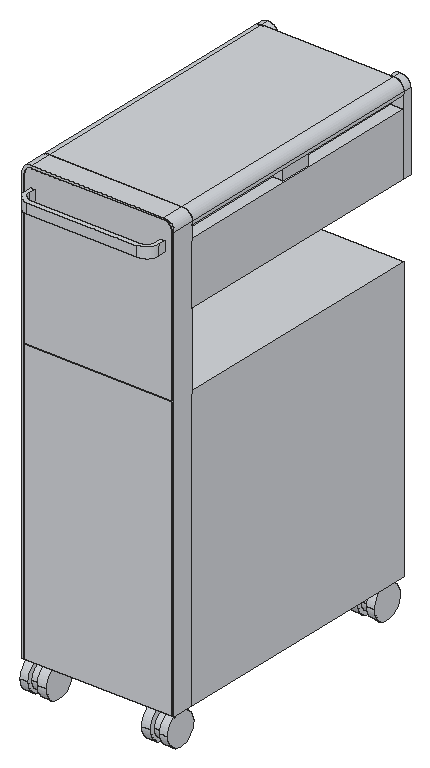
Revit family "300mm bite", category Furniture, Revit 2015
Reference planes
  plane 1 "Center (Front/Back)": y = 0
  plane 2: z = 0
  plane 3 "Center (Left/Right)": x = 0
  plane 4: z = 0
  plane 5: z = 765
  plane 6: z = 619
  plane 7: x = 300
  plane 8: x = -460
  plane 9: y = -590.075
  plane 10: y = 520
  plane 11: y = -44
  plane 12: z = 64
  plane 13: z = 937
  plane 14: z = 917
  plane 15: x = 280
  plane 16: x = 20
  plane 17: x = 295
  plane 18: z = 932
  plane 19: x = 5
  plane 20: z = 617
  plane 21: z = 912
  plane 22: x = 275
  plane 23: x = 25
  plane 24: z = 887
  plane 25: y = 230
  plane 26: y = 290
  plane 27: y = -83
  plane 28: x = 282
  plane 29: x = 18
  plane 30: x = 26
  plane 31: x = 274
  plane 32: y = -75
  plane 33: y = -59
  plane 34: x = 42
  plane 35: x = 258
  plane 36: z = 897
  plane 37: z = 877
  plane 38: x = 260
  plane 39: y = 536
  plane 40: x = 40
  plane 41: x = 2.532
  plane 42: x = 20.532
  plane 43: x = 38.532
  plane 44: x = 56.532
  plane 45: z = 32.236
  plane 46: y = -22.331
  plane 47: z = 32.236
  plane 48: y = -22.331
  plane 49: y = -22.331
  plane 50: y = 485.669
  plane 51: z = 32.236
  plane 52: y = 485.669
  plane 53: z = 32.236
  plane 54: y = 485.669
Forms (mm)
  Extrusion 1, solid
    sketch origin (0, 0, 0) x (0, 1, 0) y (0, 0, 1)
      loop
        line (520, 619) -> (0, 619) -> (0, 64) -> (520, 64) -> (520, 619)
    from 0 to 300
  Extrusion 2, solid
    sketch origin (0, 0, 0) x (1, 0, 0) y (0, 0, 1)
      loop
        line (0, 912) -> (300, 912) -> (300, 917)
        arc (300, 917) -> (294.142, 931.142) -> (280, 937) r 20
        line (280, 937) -> (20, 937)
        arc (20, 937) -> (5.858, 931.142) -> (0, 917) r 20
        line (0, 917) -> (0, 912)
    from 0 to -520
  Extrusion 3, solid
    sketch origin (0, 0, 0) x (1, 0, 0) y (0, 0, 1)
      loop
        line (5, 64) -> (5, 917)
        arc (5, 917) -> (9.393, 927.607) -> (20, 932) r 15
        line (20, 932) -> (280, 932)
        arc (280, 932) -> (290.607, 927.607) -> (295, 917) r 15
        line (295, 917) -> (295, 64) -> (300, 64) -> (300, 917)
        arc (300, 917) -> (294.142, 931.142) -> (280, 937) r 20
        line (280, 937) -> (20, 937)
        arc (20, 937) -> (5.858, 931.142) -> (0, 917) r 20
        line (0, 917) -> (0, 64) -> (5, 64)
    from 0 to 44
  Extrusion 4, solid
    sketch origin (0, 0, 0) x (1, 0, 0) y (0, 0, 1)
      loop
        line (5, 619) -> (295, 619) -> (295, 917)
        arc (295, 917) -> (290.607, 927.607) -> (280, 932) r 15
        line (280, 932) -> (20, 932)
        arc (20, 932) -> (9.393, 927.607) -> (5, 917) r 15
        line (5, 917) -> (5, 765) -> (5, 619)
    from 0 to 44
  Extrusion 5, solid
    sketch origin (0, 0, 0) x (1, 0, 0) y (0, 0, 1)
      loop
        line (5, 617) -> (5, 64) -> (295, 64) -> (295, 617) -> (5, 617)
    from 0 to 44
  Extrusion 6, solid
    sketch origin (0, 0, 0) x (1, 0, 0) y (0, 0, 1)
      loop
        line (25, 912) -> (25, 887) -> (0, 887) -> (0, 765) -> (300, 765) -> (300, 887) -> (275, 887) -> (275, 912) -> (25, 912)
    from -520 to 0
  Extrusion 7, solid
    sketch origin (0, 0, 0) x (0, 1, 0) y (0, 0, 1)
      loop
        line (230, 912) -> (230, 887) -> (290, 887) -> (290, 912) -> (230, 912)
    from 275 to 295
  Extrusion 8, solid
    sketch origin (0, 0, 0) x (1, 0, 0) y (0, 1, 0)
      loop
        line (18, -44) -> (18, -59)
        arc (18, -59) -> (25.029, -75.971) -> (42, -83) r 24
        line (42, -83) -> (258, -83)
        arc (258, -83) -> (274.971, -75.971) -> (282, -59) r 24
        line (282, -59) -> (282, -44) -> (274, -44) -> (274, -59)
        arc (274, -59) -> (269.314, -70.314) -> (258, -75) r 16
        line (258, -75) -> (42, -75)
        arc (42, -75) -> (30.686, -70.314) -> (26, -59) r 16
        line (26, -59) -> (26, -44) -> (18, -44)
    from 877 to 897
  Extrusion 9, solid
    sketch origin (0, 0, 0) x (1, 0, 0) y (0, 0, 1)
      loop
        line (300, 765) -> (300, 917)
        arc (300, 917) -> (294.142, 931.142) -> (280, 937) r 20
        arc (280, 937) -> (265.858, 931.142) -> (260, 917) r 20
        line (260, 917) -> (260, 765) -> (300, 765)
    from -520 to -536
  Extrusion 10, solid
    sketch origin (0, 0, 0) x (1, 0, 0) y (0, 0, 1)
      loop
        line (0, 765) -> (40, 765) -> (40, 917)
        arc (40, 917) -> (34.142, 931.142) -> (20, 937) r 20
        arc (20, 937) -> (5.858, 931.142) -> (0, 917) r 20
        line (0, 917) -> (0, 765)
    from -536 to -520
  Extrusion 11, solid
    sketch origin (0, 9.476, 29.728) x (0, 1, 0) y (0, 0, 1)
      loop
        circle (-31.806, 2.509) r 31.415
    from 5 to 20.532
  Extrusion 12, solid
    sketch origin (0, 0, 0) x (0, 1, 0) y (0, 0, 1)
      loop
        circle (-22.331, 32.236) r 31.415
    from 38.532 to 56.532
  Extrusion 13, solid
    sketch origin (0, 0, 0) x (0, 1, 0) y (0, 0, 1)
      loop
        circle (-22.331, 32.236) r 24
    from 20.532 to 38.532
  Extrusion 14, solid
    sketch origin (300, 9.476, 29.728) x (0, 1, 0) y (0, 0, -1)
      loop
        circle (-31.806, -2.509) r 31.415
    from 5 to 20.532
  Extrusion 15, solid
    sketch origin (300, 0, 0) x (0, 1, 0) y (0, 0, -1)
      loop
        circle (-22.331, -32.236) r 31.415
    from 38.532 to 56.532
  Extrusion 16, solid
    sketch origin (300, 0, 0) x (0, 1, 0) y (0, 0, -1)
      loop
        circle (-22.331, -32.236) r 24
    from 20.532 to 38.532
  Extrusion 17, solid
    sketch origin (0, 453.863, 29.728) x (0, -1, 0) y (0, 0, -1)
      loop
        circle (-31.806, -2.509) r 31.415
    from 5 to 20.532
  Extrusion 18, solid
    sketch origin (0, 463.339, 0) x (0, -1, 0) y (0, 0, -1)
      loop
        circle (-22.331, -32.236) r 31.415
    from 38.532 to 56.532
  Extrusion 19, solid
    sketch origin (0, 463.339, 0) x (0, -1, 0) y (0, 0, -1)
      loop
        circle (-22.331, -32.236) r 24
    from 20.532 to 38.532
  Extrusion 20, solid
    sketch origin (300, 453.863, 29.728) x (0, -1, 0) y (0, 0, 1)
      loop
        circle (-31.806, 2.509) r 31.415
    from 5 to 20.532
  Extrusion 21, solid
    sketch origin (300, 463.339, 0) x (0, -1, 0) y (0, 0, 1)
      loop
        circle (-22.331, 32.236) r 31.415
    from 38.532 to 56.532
  Extrusion 22, solid
    sketch origin (300, 463.339, 0) x (0, -1, 0) y (0, 0, 1)
      loop
        circle (-22.331, 32.236) r 24
    from 20.532 to 38.532
Dimensions and locks
  locked: plane 5 to plane 6 at 146
  locked: plane 6 to plane 12 at 555
  locked: plane 12 to level at 64
  locked: plane 13 to plane 5 at 172
  plane 10 to plane 1 "Center (Front/Back)" = 520 mm
  plane 1 "Center (Front/Back)" to plane 11 = 44 mm
  locked: plane 7 to plane 3 "Center (Left/Right)" at 300
  locked: plane 13 to plane 14 at 20
  locked: plane 16 to plane 3 "Center (Left/Right)" at 20
  locked: plane 7 to plane 15 at 20
  locked: plane 7 to plane 17 at 5
  locked: plane 13 to plane 18 at 5
  locked: plane 6 to plane 20 at 2
  locked: plane 13 to plane 21 at 25
  locked: plane 15 to plane 22 at 5
  locked: plane 23 to plane 16 at 5
  locked: plane 21 to plane 24 at 25
  plane 5 to Extrusion 6 = 147 mm
  locked: plane 25 to plane 26 at 60
  plane 1 "Center (Front/Back)" to plane 25 = 230 mm
  locked: plane 26 to plane 10 at 230
  Extrusion 7 to plane 13 = 25 mm
  locked: plane 29 to plane 28 at 264
  locked: Extrusion 3 to plane 27 at 39
  plane 3 "Center (Left/Right)" to plane 29 = 18 mm
  locked: plane 32 to plane 27 at 8
  locked: plane 29 to plane 34 at 24
  locked: plane 35 to plane 28 at 24
  plane 1 "Center (Front/Back)" to Extrusion 8 = 83 mm
  locked: plane 13 to plane 36 at 40
  plane 36 to plane 37 = 20 mm
  locked: plane 15 to plane 38 at 20
  locked: plane 39 to plane 10 at 16
  locked: plane 16 to plane 40 at 20
  locked: plane 42 to plane 41 at 18
  locked: plane 44 to plane 43 at 18
  plane 44 to plane 41 = 54 mm
  plane 50 to plane 49 = 508 mm
  aligned and locked: level to plane 2
  aligned and locked: plane 7 to Extrusion 1
  aligned and locked: Extrusion 2 to plane 10
  aligned and locked: plane 11 to Extrusion 3
  aligned and locked: Extrusion 3 to plane 12  (x2)
  aligned and locked: plane 13 to Extrusion 3
  aligned and locked: plane 18 to Extrusion 3
  aligned and locked: plane 11 to Extrusion 4
  aligned and locked: Extrusion 4 to plane 1 "Center (Front/Back)"
  aligned and locked: Extrusion 4 to plane 6
  aligned and locked: Extrusion 4 to plane 18
  aligned and locked: plane 11 to Extrusion 5
  aligned and locked: plane 20 to Extrusion 5
  aligned and locked: Extrusion 5 to plane 12
  aligned and locked: Extrusion 2 to plane 21
  aligned and locked: Extrusion 6 to plane 10
  aligned and locked: plane 1 "Center (Front/Back)" to Extrusion 6
  aligned and locked: Extrusion 6 to plane 5
  aligned and locked: Extrusion 6 to Extrusion 2
  aligned and locked: plane 17 to Extrusion 7
  aligned and locked: Extrusion 7 to plane 22
  aligned and locked: plane 36 to Extrusion 8
  aligned and locked: Extrusion 8 to plane 37
  aligned and locked: Extrusion 9 to plane 10
  aligned and locked: Extrusion 10 to Extrusion 9
  aligned and locked: plane 10 to Extrusion 10
  aligned and locked: Extrusion 10 to plane 3 "Center (Left/Right)"
  aligned and locked: plane 7 to Extrusion 9
  aligned and locked: Extrusion 11 to plane 19
  aligned and locked: Extrusion 12 to plane 43
  aligned and locked: plane 44 to Extrusion 12
  aligned and locked: Extrusion 13 to Extrusion 11
  aligned and locked: plane 43 to Extrusion 13
  aligned and locked: Extrusion 14 to Extrusion 16
  aligned and locked: Extrusion 17 to Extrusion 19
  aligned and locked: Extrusion 22 to Extrusion 20
